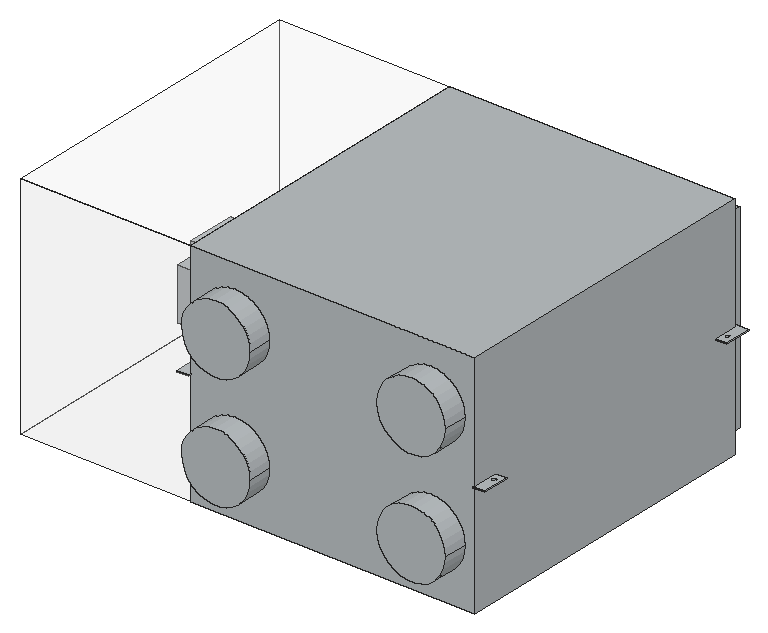
Revit family "lgh-rn150_200rxv2d-c_50Hz", category 機械設備, Revit 2019
Family settings
  丸型コネクタ寸法 = 直径を使用
  パーツ タイプ = 割り込み
  OmniClass 番号 = 23.75.10.34.21
  OmniClass タイトル = Heat Exchangers for Ventilation Air
  作業面ベース = いいえ
  常に垂直 = はい
  ロード時にボイドで切り取り = いいえ
  共有 = いいえ
  部屋計算ポイント = はい
Parameters (values of type "LGH-RN150RXV2D-C")
  騒音レベル(dB(A)) = 38.5
  風量 = MAX風量  # 1500.0 m³/h
  面風速 = 8.5 m/s
  電源種別 [instance] = "一般"
  電圧 = 200 V
  電動機出力 = 0 W
  集中コントローラ = ""
  運転質量 = 0.00 kg
  連動 [instance] = ""
  質量 = if(製品質量 > 運転質量, 製品質量, 運転質量) * 1.2  # 128.40 kg
  負荷分類 = 3_ファン類
  説明 = "業務用ロスナイ 天井埋込形 DCリプレースマイコン CO2センサー付"
  設計風量 = 0.0 m³/h
  設置方法 = "天井吊(隠ぺい)形"
  記号 [instance] = ""
  製造元 = "三菱電機株式会社"
  製品質量 = 107.00 kg
  製品出荷対象 = "国内"
  製品リリース年月 = "2023/5/15"
  製品グループ = ""
  系統 [instance] = ""
  符号 [instance] = "HEU"
  積算_科目 = "1 空気調和設備"
  積算_拾い区分 [instance] = ""
  相 = 1
  盤記号 [instance] = ""
  発停方法 [instance] = ""
  特殊仕様 [instance] = ""
  点検口高さ = -Height / 2  # -404 mm
  点検口 = yes
  火災停止 [instance] = ""
  温度交換効率_特強 = 74.00%
  温度交換効率_強 = 74.00%
  温度交換効率_弱 = 76.50%
  消費電力 = 900 W
  法定耐用年数 = "15"
  機外静圧_排気 = 275.0 Pa
  機外静圧 = 275.0 Pa
  極数 = 3
  材質 [instance] = ""
  本体マテリアル = 溶融亜鉛めっき鋼板
  操作・制御方式 = ""
  操作・制御スイッチ = ""
  排気量 = 0.0 m³/h
  形式 = "天井埋込ダクト形"
  形名 = LGH-RN-3 : LGH-RN150-3
  幹線記号 [instance] = ""
  対象室 [instance] = ""
  実風量 = 0.0 m³/h
  始動方式 [instance] = "直入"
  外気量 = 設計風量  # 0.0 m³/h
  呼称 = "全熱交換ユニット"
  周波数 = 50 Hz
  吊りボルト-W = 1046 mm
  吊りボルト-D = 1030 mm
  参照している仕様書等のバージョン = ""
  初期抵抗 = 0.0 Pa
  分類コード = "50052504100070"
  分類グループ = ""
  価格 = 1441200
  企業コード = "108420"
  付属品_フィルター_還気 = ""
  付属品_フィルター = ""
  付属品 [instance] = ""
  仕様書バージョン = "Version1.0"
  モデル = "LGH-RN150RXV2D-C"
  ダクト高 = 700 mm
  ダクト径 = 250 mm
  ダクト幅 = 270 mm
  サービススペース = yes
  コメント [instance] = ""
  Keynote = ""
  エンタルピ交換効率_暖房_特強 = 76.00%
  エンタルピ交換効率_暖房_強 = 76.00%
  エンタルピ交換効率_暖房_弱 = 78.50%
  エンタルピ交換効率_冷房_特強 = 66.00%
  エンタルピ交換効率_冷房_強 = 66.00%
  エンタルピ交換効率_冷房_弱 = 68.50%
  Width = 1004 mm
  Version = ""
  Uniclass2015Version = "Systems v1.9"
  Uniclass2015Title = "Thermal wheels"
  Uniclass2015Code = "Pr_60_60_36_88"
  URL = "https://www.mitsubishielectric.co.jp/ldg/wink/qr/002/324452/"
  SpecificationReference = ""
  SpecificationDescription = ""
  SMAX風量 = 1500.0 m³/h
  SMAX静圧 = 275.0 Pa
  SAサイズ_D = 242 mm
  Revision = ""
  RAサイズ_D = 242 mm
  ProductInformation = ""
  OmniClassCode = "23-27 23 19 11"
  OAサイズ_W = 270 mm
  OAサイズ_D = 700 mm
  MIN風量 = 660.0 m³/h
  MIN静圧 = 47.0 Pa
  MID風量 = 1080.0 m³/h
  MID静圧 = 127.0 Pa
  MAX風量 = 1500.0 m³/h
  MAX静圧 = 245.0 Pa
  M2 = 49 mm
  M1 = 84 mm
  IfcTypeProduct = ""
  IfcProduct = ""
  IfcExportType = "ROTARYWHEEL"
  IfcExportAs = "IfcAirToAirHeatRecoveryType"
  Height = 808 mm
  EAサイズ_W = 270 mm
  EAサイズ_D = 700 mm
  Depth = 1144 mm
  Clearance Top = 0 mm  # constant formula
  Clearance Right = 0 mm  # constant formula
  Clearance Left = 600 mm  # constant formula
  Clearance Front = 0 mm  # constant formula
  Clearance Bottom = 0 mm  # constant formula
  Clearance Back = 0 mm  # constant formula
  Author = "三菱電機株式会社"
Types (2, lengths in mm): name | 騒音レベル(dB(A)) | 風量 | 面風速 | 質量 | 製品質量 | 温度交換効率_特強 | 温度交換効率_強 | 温度交換効率_弱 | 消費電力 | 機外静圧_排気 | 機外静圧 | 形名 | 吊りボルト-W | 価格 | モデル | エンタルピ交換効率_暖房_特強 | エンタルピ交換効率_暖房_強 | エンタルピ交換効率_暖房_弱 | エンタルピ交換効率_冷房_特強 | エンタルピ交換効率_冷房_強 | エンタルピ交換効率_冷房_弱 | Width | URL | SMAX風量 | SMAX静圧 | MIN風量 | MIN静圧 | MID風量 | MID静圧 | MAX風量 | MAX静圧
  LGH-RN150RXV2D-C | 38.5 | 1500.0 m³/h | 8.5 m/s | 128.40 kg | 107.00 kg | 74.00% | 74.00% | 76.50% | 900 W | 275.0 Pa | 275.0 Pa | LGH-RN-3 : LGH-RN150-3 | 1046 | 1441200 | "LGH-RN150RXV2D-C" | 76.00% | 76.00% | 78.50% | 66.00% | 66.00% | 68.50% | 1004 | "https://www.mitsubishielectric.co.jp/ldg/wink/qr/002/324452/" | 1500.0 m³/h | 275.0 Pa | 660.0 m³/h | 47.0 Pa | 1080.0 m³/h | 127.0 Pa | 1500.0 m³/h | 245.0 Pa
  LGH-RN200RXV2D-C | 41 | 2000.0 m³/h | 11.3 m/s | 140.40 kg | 117.00 kg | 73.00% | 73.00% | 75.00% | 1160 W | 225.0 Pa | 225.0 Pa | LGH-RN-3 : LGH-RN200-3 | 1273 | 1614200 | "LGH-RN200RXV2D-C" | 75.00% | 75.00% | 76.50% | 65.00% | 65.00% | 67.50% | 1231 | "https://www.mitsubishielectric.co.jp/ldg/wink/qr/002/324455/" | 2000.0 m³/h | 225.0 Pa | 880.0 m³/h | 32.0 Pa | 1440.0 m³/h | 86.0 Pa | 2000.0 m³/h | 165.0 Pa
Reference planes
  plane 1 "中心(正面/背面)": y = 0
  plane 2: z = 0
  plane 3 "中心(左/右)": x = 0
  plane 4 "4": x = 0
  plane 5 "3": x = 0
  plane 6 "左": x = -502
  plane 7 "右": x = 502
  plane 8 "背面": y = 572
  plane 9 "正面": y = -572
  plane 10: z = 404
  plane 11: y = 515
  plane 12: y = -515
  plane 13: x = 523
  plane 14: x = -523
  plane 15: z = -404
  plane 16: z = 404
  plane 17: z = -404
  plane 18: y = 572
  plane 19: x = 502
  plane 20: x = -1102
  plane 21: y = -572
  plane 22: y = 225
  plane 23: x = -652
  plane 24: y = -225
Dimensions and locks
  equal spacing: plane 6 "左", plane 5 "3", plane 7 "右"
  "Width": plane 6 "左" to plane 7 "右"
  equal spacing: plane 9 "正面", plane 1 "中心(正面/背面)", plane 8 "背面"
  "Depth": plane 9 "正面" to plane 8 "背面"
  equal spacing: plane 10, level, plane 15
  "Height": plane 10 to plane 15
  equal spacing: plane 14, plane 5 "3", plane 13
  "吊りボルト-W": plane 14 to plane 13
  equal spacing: plane 12, plane 1 "中心(正面/背面)", plane 11
  "吊りボルト-D": plane 12 to plane 11
  "Clearance Back": plane 8 "背面" to plane 18
  "Clearance Front": plane 21 to plane 9 "正面"
  "Clearance Right": plane 7 "右" to plane 19
  "Clearance Left": plane 20 to plane 6 "左"
  "Clearance Top": plane 16 to plane 10
  "Clearance Bottom": plane 15 to plane 17
  equal spacing: plane 24, plane 1 "中心(正面/背面)", plane 22
  locked: plane 24 to plane 22 at 450
  locked: plane 20 to plane 23 at 450
  aligned and locked: level to plane 2
  aligned and locked: nested 1 to plane 11
  aligned and locked: plane 12 to nested 1
  aligned and locked: plane 14 to nested 1
  aligned and locked: plane 13 to nested 1
  aligned and locked: plane 21 to nested 3
  aligned and locked: plane 20 to nested 3
  aligned and locked: plane 16 to nested 3
  aligned and locked: plane 17 to nested 3
  aligned and locked: plane 18 to nested 3
  aligned and locked: plane 6 "左" to nested 3
  aligned and locked: plane 1 "中心(正面/背面)" to nested 2
  aligned and locked: nested 2 to plane 5 "3"
  aligned and locked: plane 23 to nested 4
  aligned and locked: plane 20 to nested 4
  aligned and locked: plane 22 to nested 4
  aligned and locked: nested 4 to plane 24
Nested families
  nested 1: "固定点" at (-523, -515, 0), type "固定点"
    with W 1046 mm, D 1030 mm
  nested 2: "LGH-RN-3" at (0, 0, -404) x (0, -1, 0) z (0, 0, 1), type <- "形名", type "LGH-RN150-3"
  nested 3: "サービススペース" at (-802, 0, 0), visible <- "サービススペース", type "サービススペース"
    with Width 600 mm, Height 808 mm, Depth 1144 mm
  nested 4: "点検口設置範囲" at (-877, 0, -404), visible <- "点検口", built-in parameter 1001364 <- "点検口高さ", type "点検口設置範囲"
    with Width 450 mm, Depth 450 mm
Connectors
  hvac at (345, -656, 202), driven by "ダクト径", driven by "機外静圧", driven by "風量"
    settings: on nested 2, index 1, duct flow 1500.0 m³/h, flow factor 0, pres drop 275.0 Pa, loss coef 0, conn angle 0.00°, conn width 304.8 mm, conn height 304.8 mm, conn diameter 250 mm, duct sys type 2, conn prof type 0, flow config 0, flow direction 1, loss method 4, conn ref index -1, conn util no, is conn primary yes, conn desc ""
  hvac at (345, -656, -202), driven by "ダクト径", driven by "機外静圧", driven by "風量"
    settings: on nested 2, index 2, duct flow 1500.0 m³/h, flow factor 0, pres drop 275.0 Pa, loss coef 0, conn angle 0.00°, conn width 304.8 mm, conn height 304.8 mm, conn diameter 250 mm, duct sys type 2, conn prof type 0, flow config 0, flow direction 1, loss method 4, conn ref index -1, conn util no, is conn primary no, conn desc ""
  hvac at (-345, -656, 202), driven by "ダクト径", driven by "機外静圧", driven by "風量"
    settings: on nested 2, index 3, duct flow 1500.0 m³/h, flow factor 0, pres drop 275.0 Pa, loss coef 0, conn angle 0.00°, conn width 304.8 mm, conn height 304.8 mm, conn diameter 250 mm, duct sys type 1, conn prof type 0, flow config 0, flow direction 2, loss method 4, conn ref index -1, conn util no, is conn primary no, conn desc ""
  hvac at (-345, -656, -202), driven by "ダクト径", driven by "機外静圧", driven by "風量"
    settings: on nested 2, index 4, duct flow 1500.0 m³/h, flow factor 0, pres drop 275.0 Pa, loss coef 0, conn angle 0.00°, conn width 304.8 mm, conn height 304.8 mm, conn diameter 250 mm, duct sys type 1, conn prof type 0, flow config 0, flow direction 2, loss method 4, conn ref index -1, conn util no, is conn primary no, conn desc ""
  hvac at (345, 621, 0), driven by "機外静圧", driven by "排気量", driven by "ダクト高", driven by "ダクト幅"
    settings: on nested 2, index 5, duct flow 0.0 m³/h, flow factor 0, pres drop 275.0 Pa, loss coef 0, conn angle 0.00°, conn width 270 mm, conn height 700 mm, conn diameter 609.6 mm, duct sys type 3, conn prof type 1, flow config 0, flow direction 2, loss method 4, conn ref index -1, conn util no, is conn primary no, conn desc ""
  hvac at (-345, 621, 0), driven by "機外静圧", driven by "外気量", driven by "ダクト幅", driven by "ダクト高"
    settings: on nested 2, index 6, duct flow 0.0 m³/h, flow factor 0, pres drop 275.0 Pa, loss coef 0, conn angle 0.00°, conn width 270 mm, conn height 700 mm, conn diameter 609.6 mm, duct sys type 4, conn prof type 1, flow config 0, flow direction 1, loss method 4, conn ref index -1, conn util no, is conn primary no, conn desc ""
  electrical at (-559.5, -427, -18.5), driven by "極数", driven by "負荷分類", driven by "電圧", driven by "消費電力"
    settings: on nested 2, index 7, voltage 200 V, apparent load 900 VA, apparent load phase1 0 VA, apparent load phase2 0 VA, apparent load phase3 0 VA, power factor 1, load classification "3_ファン類", number of poles 3, system type 30, power factor state 1, is connector primary yes, connector utility no, sub classification motor no, connector description ""
Definition of nested family "LGH-RN-3"
  Parameters (values of type "LGH-RN150-3")
    吊りボルト-φ = 13 mm
    吊りボルト-W1 = 1030 mm
    吊りボルト-D1 = 1046 mm
    マテリアル = none
    ダクト間 = 690 mm
    ダクト-W = 270 mm
    ダクト-H = 700 mm
    コントロール手前位置 = 145 mm  # constant formula
    コントロール上位置 = 88 mm  # constant formula
    φ = 242 mm
    Φ = 258 mm
    吊りボルト-H = 0 mm
    M2 = 49 mm
    M1 = 84 mm
    W = 1144 mm
    H = 808 mm
    D = 1004 mm
    CO2センサー手前位置 = 176 mm  # constant formula
    CO2センサー上位置 = 201 mm  # constant formula
  Types (2, lengths in mm): name | 吊りボルト-D1 | ダクト間 | D
    LGH-RN200-3 | 1273 | 917 | 1231
    LGH-RN150-3 | 1046 | 690 | 1004
  Reference planes
    plane 1 "中心(正面/背面)": y = 0
    plane 2: z = 0
    plane 3 "中心(左/右)": x = 0
    plane 4: y = 502
    plane 5: y = 523
    plane 6: y = 543
    plane 7: y = -502
    plane 8: y = -523
    plane 9: y = -543
    plane 10: x = -572
    plane 11: x = 572
    plane 12: z = 404
    plane 13: x = -213
    plane 14: x = 656
    plane 15: x = -621
    plane 16: z = 202
    plane 17: y = 345
    plane 18: y = -345
    plane 19: x = -515
    plane 20: x = 515
    plane 21: x = 190.667
    plane 22: x = -190.667
    plane 23: y = -617
    plane 24: y = -686
    plane 25: x = 427
    plane 26: x = 381.333
    plane 27: x = 252
    plane 28: z = 336.667
    plane 29: z = 269.333
    plane 30: z = 134.667
    plane 31: z = 67.333
    plane 32: x = 396
    plane 33: x = 281
    plane 34: x = -581
    plane 35: x = 581
    plane 36: x = 485
    plane 37: x = -485
    plane 38: z = 404
    plane 39: z = 401
    plane 40: z = 606
    plane 41: z = 471.333
    plane 42: z = 538.667
    plane 43: z = 673.333
    plane 44: z = 740.667
    plane 45: z = 404
    plane 46: z = 808
    plane 47: y = 480
    plane 48: y = 210
    plane 49: y = -210
    plane 50: y = -480
    plane 51: z = 754
    plane 52: z = 54
    plane 53: z = 720
    plane 54: z = 607
    plane 55: z = 424
    plane 56: z = 51
  Forms (mm)
    Extrusion 1, solid, material <- "マテリアル", detail levels fine
      sketch origin (0, 0, 0) x (0, 1, 0) y (0, 0, -1)
        loop
          circle (-345, -202) r 121
        loop
          circle (345, -202) r 121
        loop
          circle (345, -606) r 121
        loop
          circle (-345, -606) r 121
      from -572 to -656
    Extrusion 2, solid, material <- "マテリアル", detail levels fine
      sketch origin (0, 0, 0) x (1, 0, 0) y (0, 1, 0)
        loop
          line (-581, 543) -> (-581, 502) -> (-485, 502) -> (-485, 543) -> (-581, 543)
        loop
          line (-581, -502) -> (-581, -543) -> (-485, -543) -> (-485, -502) -> (-581, -502)
        loop
          line (485, 543) -> (485, 502) -> (581, 502) -> (581, 543) -> (485, 543)
        loop
          line (485, -543) -> (581, -543) -> (581, -502) -> (485, -502) -> (485, -543)
        loop
          circle (-515, 523) r 6.5
        loop
          circle (515, 523) r 6.5
        loop
          circle (-515, -523) r 6.5
        loop
          circle (515, -523) r 6.5
      from 401 to 404
    Extrusion 3, solid, material <- "マテリアル", detail levels fine
      sketch origin (0, 0, 808) x (0, -1, 0) y (1, 0, 0)
        loop
          line (-502, -572) -> (502, -572) -> (502, 572) -> (-502, 572) -> (-502, -572)
      from 0 to -808
    Extrusion 4, solid, material <- "マテリアル", detail levels fine
      sketch origin (0, 0, 0) x (1, 0, 0) y (0, 0, 1)
        loop
          line (252, 720) -> (252, 51) -> (427, 51) -> (427, 720) -> (252, 720)
      from 502 to 617
    Extrusion 5, solid, material <- "マテリアル", detail levels fine
      sketch origin (0, 0, 0) x (1, 0, 0) y (0, 0, 1)
        loop
          line (281, 607) -> (281, 424) -> (396, 424) -> (396, 607) -> (281, 607)
      from 617 to 686
    Extrusion 6, solid, material <- "マテリアル", detail levels fine
      sketch origin (0, 0, 0) x (0, 1, 0) y (0, 0, 1)
        loop
          line (-210, 754) -> (-480, 754) -> (-480, 54) -> (-210, 54) -> (-210, 754)
        loop
          line (210, 754) -> (210, 54) -> (480, 54) -> (480, 754) -> (210, 754)
      from -621 to -572
  Dimensions and locks
    "W": plane 10 to plane 11
    "吊りボルト-D1": plane 8 to plane 5
    "D": plane 7 to plane 4
    equal spacing: plane 7, plane 1 "中心(正面/背面)", plane 4
    equal spacing: plane 10, plane 3 "中心(左/右)", plane 11
    "M2": plane 15 to plane 10
    "M1": plane 11 to plane 14
    equal spacing: plane 8, plane 1 "中心(正面/背面)", plane 5
    equal spacing: plane 18, plane 1 "中心(正面/背面)", plane 17
    "ダクト間": plane 18 to plane 17
    equal spacing: plane 19, plane 3 "中心(左/右)", plane 20
    "吊りボルト-W1": plane 19 to plane 20
    plane 15 to plane 14 = 1277 mm
    equal spacing: plane 10, plane 22, plane 21, plane 11
    plane 11 to plane 21 to plane 22 to plane 10 = 381.333 mm, 381.333 mm, 381.333 mm
    locked: plane 23 to plane 7 at 115
    locked: plane 24 to plane 7 at 184
    equal spacing: plane 12, plane 28, plane 29, plane 16, plane 30, plane 31, level
    locked: plane 5 to plane 6 at 20
    locked: plane 9 to plane 8 at 20
    locked: plane 38 to plane 39 at 3
    "吊りボルト-H": plane 12 to plane 38
    locked: plane 19 to plane 37 at 30
    locked: plane 36 to plane 20 at 30
    locked: plane 34 to plane 10 at 9
    locked: plane 11 to plane 35 at 9
    "H": plane 46 to level
    equal spacing: plane 46, plane 44, plane 43, plane 40, plane 42, plane 41, plane 12
    "吊りボルト-H": plane 45 to plane 12
    equal spacing: plane 48, plane 17, plane 47
    "ダクト-W": plane 48 to plane 47
    equal spacing: plane 50, plane 18, plane 49
    "ダクト-W": plane 50 to plane 49
    equal spacing: plane 51, plane 45, plane 52
    "ダクト-H": plane 51 to plane 52
    locked: plane 33 to plane 32 at 115
    locked: plane 27 to plane 25 at 175
    "CO2センサー手前位置": plane 32 to plane 11
    "コントロール手前位置": plane 25 to plane 11
    locked: plane 53 to plane 56 at 669
    "コントロール上位置": plane 46 to plane 53
    "CO2センサー上位置": plane 46 to plane 54
    locked: plane 54 to plane 55 at 183
    "φ": diameter of Extrusion 1 sketch curve  (x4)
    "吊りボルト-φ": diameter of Extrusion 2 sketch curve  (x4)
    aligned and locked: level to plane 2
    aligned and locked: plane 14 to Extrusion 1
    aligned and locked: plane 18 to Extrusion 1 sketch curve  (x2)
    aligned and locked: plane 16 to Extrusion 1 sketch curve  (x2)
    aligned and locked: plane 17 to Extrusion 1 sketch curve  (x2)
    aligned and locked: plane 6 to Extrusion 2 sketch curve  (x2)
    aligned and locked: plane 34 to Extrusion 2 sketch curve  (x2)
    aligned and locked: Extrusion 2 sketch curve to plane 4  (x2)
    aligned and locked: Extrusion 2 sketch curve to plane 37  (x2)
    aligned and locked: plane 7 to Extrusion 2 sketch curve
    aligned and locked: Extrusion 2 sketch curve to plane 9
    aligned and locked: Extrusion 2 sketch curve to plane 35
    aligned and locked: plane 9 to Extrusion 2 sketch curve
    aligned and locked: Extrusion 2 sketch curve to plane 7
    aligned and locked: plane 35 to Extrusion 2 sketch curve
    aligned and locked: plane 8 to Extrusion 2 sketch curve  (x2)
    aligned and locked: plane 5 to Extrusion 2 sketch curve  (x2)
    aligned and locked: plane 19 to Extrusion 2 sketch curve  (x2)
    aligned and locked: plane 20 to Extrusion 2 sketch curve  (x2)
    aligned and locked: Extrusion 2 to plane 39
    aligned and locked: plane 38 to Extrusion 2
    aligned and locked: Extrusion 2 sketch curve to plane 36  (x2)
    aligned and locked: Extrusion 3 to plane 46
    aligned and locked: plane 27 to Extrusion 4 sketch curve
    aligned and locked: plane 7 to Extrusion 4
    aligned and locked: plane 23 to Extrusion 4
    aligned and locked: plane 33 to Extrusion 5 sketch curve
    aligned and locked: Extrusion 5 sketch curve to plane 32
    aligned and locked: plane 23 to Extrusion 5
    aligned and locked: plane 24 to Extrusion 5
    aligned and locked: plane 40 to Extrusion 1 sketch curve  (x2)
    aligned and locked: plane 51 to Extrusion 6 sketch curve
    aligned and locked: Extrusion 6 sketch curve to plane 51
    aligned and locked: Extrusion 6 sketch curve to plane 52  (x2)
    aligned and locked: Extrusion 6 sketch curve to plane 47
    aligned and locked: Extrusion 6 sketch curve to plane 48
    aligned and locked: Extrusion 6 sketch curve to plane 49
    aligned and locked: Extrusion 6 sketch curve to plane 50
    aligned and locked: Extrusion 6 to plane 15
    aligned and locked: plane 10 to Extrusion 6
    aligned and locked: plane 55 to Extrusion 5 sketch curve
    aligned and locked: Extrusion 5 sketch curve to plane 54
    aligned and locked: Extrusion 4 sketch curve to plane 53
    aligned and locked: Extrusion 3 to level
    aligned and locked: Extrusion 4 to plane 56
    aligned and locked: Extrusion 1 to plane 11
  Automatic sketch dimensions
    plane 4 to Extrusion 3 sketch curve = 0 mm
    plane 7 to Extrusion 3 sketch curve = 0 mm
    Extrusion 3 sketch curve to plane 10 = 0 mm
    Extrusion 3 sketch curve to plane 11 = 0 mm
    Extrusion 4 sketch curve to plane 12 = 353 mm
    Extrusion 4 sketch curve to plane 25 = 0 mm
Definition of nested family "サービススペース"
  Parameters (values of type "サービススペース")
    Width [instance] = 500 mm
    Height [instance] = 500 mm
    Depth [instance] = 500 mm
  Reference planes
    plane 1 "中心(正面/背面)": y = 0
    plane 2: z = 0
    plane 3 "中心(左/右)": x = 0
    plane 4: y = -250
    plane 5: x = 250
    plane 6: y = 250
    plane 7: x = -250
    plane 8: z = 250
    plane 9: z = -250
  Forms (mm)
    Extrusion 1, solid
      sketch origin (-638.939, 0, 72.39) x (1, 0, 0) y (0, 1, 0)
        loop
          line (388.939, 250) -> (388.939, -250) -> (888.939, -250) -> (888.939, 250) -> (388.939, 250)
      from -322.39 to 177.61
  Lines and regions (mm)
    symbolic lines
      curve 1: line (-250, 0, 250) -> (250, 0, 250)
      curve 2: line (-250, 0, -250) -> (-250, 0, 250)
      curve 3: line (250, 0, -250) -> (-250, 0, -250)
      curve 4: line (250, 0, 250) -> (250, 0, -250)
      curve 5: line (0, -250, 250) -> (0, 250, 250)
      curve 6: line (0, -250, -250) -> (0, -250, 250)
      curve 7: line (0, 250, -250) -> (0, -250, -250)
      curve 8: line (0, 250, 250) -> (0, 250, -250)
      curve 9: line (-250, 250, 0) -> (250, 250, 0)
      curve 10: line (-250, -250, 0) -> (-250, 250, 0)
      curve 11: line (250, -250, 0) -> (-250, -250, 0)
      curve 12: line (250, 250, 0) -> (250, -250, 0)
  Dimensions and locks
    equal spacing: plane 7, plane 3 "中心(左/右)", plane 5
    equal spacing: plane 4, plane 1 "中心(正面/背面)", plane 6
    "Depth": plane 4 to plane 6
    "Width": plane 7 to plane 5
    equal spacing: plane 8, plane 2, plane 9
    "Height": plane 8 to plane 9
    aligned and locked: plane 9 to curve 3
    aligned and locked: plane 7 to curve 2
    aligned and locked: curve 4 to plane 5
    aligned and locked: plane 5 to Extrusion 1
    aligned and locked: Extrusion 1 to plane 7
    aligned and locked: Extrusion 1 to plane 9
    aligned and locked: plane 8 to Extrusion 1
    aligned and locked: plane 9 to curve 7
  Automatic sketch dimensions
    plane 4 to Extrusion 1 sketch curve = 0 mm
    Extrusion 1 sketch curve to plane 7 = 0 mm
    Extrusion 1 sketch curve to plane 5 = 0 mm
    plane 6 to Extrusion 1 sketch curve = 0 mm
    curve 2 to plane 8 = 0 mm
    plane 4 to curve 11 = 0 mm
    curve 11 to plane 7 = 0 mm
    curve 11 to plane 5 = 0 mm
    plane 6 to curve 10 = 0 mm
    curve 7 to plane 4 = 0 mm
    curve 7 to plane 6 = 0 mm
    curve 6 to plane 8 = 0 mm
Definition of nested family "固定点"
  Parameters (values of type "固定点")
    中心円 = 11 mm
    W [instance] = 1000 mm
    D [instance] = 1000 mm
  Reference planes
    plane 1 "中心(正面/背面)": y = 0
    plane 2: z = 0
    plane 3 "中心(左/右)": x = 0
    plane 4: x = 1000
    plane 5: y = 1000
  Lines and regions (mm)
    symbolic lines, detail levels fine
      curve 1: circle (0, 1000, 0) r 5.5 normal (0, 0, 1)
      curve 2: circle (0, 0, 0) r 5.5 normal (0, 0, 1)
      curve 3: circle (1000, 1000, 0) r 5.5 normal (0, 0, 1)
      curve 4: circle (1000, 0, 0) r 5.5 normal (0, 0, 1)
      curve 5: line (-200, 1000, 0) -> (1200, 1000, 0)
      curve 6: line (-200, 0, 0) -> (1200, 0, 0)
      curve 7: line (0, 1200, 0) -> (0, -200, 0)
      curve 8: line (1000, 1200, 0) -> (1000, -200, 0)
  Dimensions and locks
    "W": plane 3 "中心(左/右)" to plane 4
    "D": plane 1 "中心(正面/背面)" to plane 5
    "中心円": diameter of curve 1
    "中心円": diameter of curve 2
    "中心円": diameter of curve 3
    "中心円": diameter of curve 4
    aligned and locked: level to plane 2
    aligned and locked: plane 5 to curve 1
    aligned and locked: plane 3 "中心(左/右)" to curve 1
    aligned and locked: plane 3 "中心(左/右)" to curve 2
    aligned and locked: plane 1 "中心(正面/背面)" to curve 2
    aligned and locked: plane 4 to curve 3
    aligned and locked: plane 5 to curve 3
    aligned and locked: plane 1 "中心(正面/背面)" to curve 4
    aligned and locked: plane 4 to curve 4
    aligned and locked: plane 1 "中心(正面/背面)" to curve 6
    aligned and locked: curve 7 to plane 3 "中心(左/右)"
    aligned and locked: curve 8 to plane 4
  Automatic sketch dimensions
    curve 5 to plane 5 = 0 mm
    curve 6 to plane 3 "中心(左/右)" = 200 mm
    curve 5 to plane 3 "中心(左/右)" = 200 mm
    curve 4 to curve 6 = 200 mm
    curve 3 to curve 5 = 200 mm
    plane 1 "中心(正面/背面)" to curve 8 = 200 mm
    plane 1 "中心(正面/背面)" to curve 7 = 200 mm
    curve 3 to curve 8 = 200 mm
    curve 1 to curve 7 = 200 mm
Definition of nested family "点検口設置範囲"
  Parameters (values of type "点検口設置範囲")
    Width [instance] = 1000 mm
    Depth [instance] = 700 mm
  Reference planes
    plane 1 "中心(正面/背面)": y = 0
    plane 2: z = 0
    plane 3 "中心(左/右)": x = 0
    plane 4: x = -500
    plane 5: x = 500
    plane 6: y = -350
    plane 7: y = 350
  Lines and regions (mm)
    model lines
      curve 1: line (-500, 350, 0) -> (500, 350, 0)
      curve 2: line (-500, -350, 0) -> (-500, 350, 0)
      curve 3: line (500, -350, 0) -> (-500, -350, 0)
      curve 4: line (500, 350, 0) -> (500, -350, 0)
  Dimensions and locks
    "Depth": plane 7 to plane 6
    "Width": plane 4 to plane 5
    equal spacing: plane 7, plane 1 "中心(正面/背面)", plane 6
    equal spacing: plane 4, plane 3 "中心(左/右)", plane 5
    aligned and locked: level to plane 2
    aligned and locked: plane 4 to curve 2
    aligned and locked: curve 1 to plane 7
    aligned and locked: curve 4 to plane 5
    aligned and locked: plane 6 to curve 3
